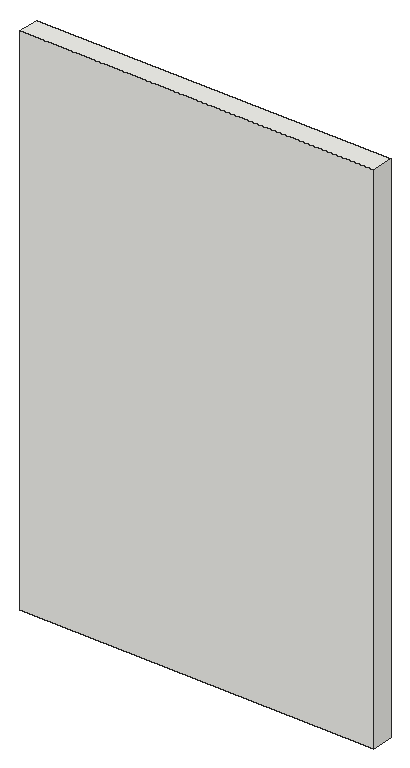
Revit family "솔리드 패널", category 커튼월 패널, Revit 2026
Family settings
  항상 수직 = 예
  로드될 때 보이드를 사용하여 절단 = 아니오
  공유 = 아니오
Parameters (values of type "솔리드 패널")
  재료 = 금속 - 페인트 마감 - 아이보리색, 무광
  간격띄우기 = 125.00 mm
  두께 = 100.00 mm
Reference planes
  plane 1: y = 0
  plane 2: z = 0
  plane 3: x = 0
  plane 4: x = -831.877
  plane 5: x = 831.877
  plane 6: z = 2438.4
  plane 7: y = 125
  plane 8: y = 25
Forms (mm)
  Extrusion 1, solid, material "금속 - 페인트 마감 - 아이보리색, 무광" <- "재료"
    sketch origin (0, 0, 0) x (1, 0, 0) y (0, 1, 0)
      loop
        line (-831.877, 25) -> (831.877, 25) -> (831.877, 125) -> (-831.877, 125) -> (-831.877, 25)
    from 0 to 2438.4
Lines and regions (mm)
  symbolic lines, style "패널 재료 1"
    curve 1: line (831.877, 125, 0) -> (-831.877, 125, 0)
    curve 2: line (831.877, 25, 0) -> (831.877, 125, 0)
    curve 3: line (-831.877, 25, 0) -> (831.877, 25, 0)
    curve 4: line (-831.877, 125, 0) -> (-831.877, 25, 0)
Text (mm)
  text "외부" at (-1654.078, 797.241, 0), in view "기준선"
Dimensions and locks
  equal spacing: plane 4, plane 3, plane 5
  "간격띄우기": plane 1 to plane 7
  "두께": plane 8 to plane 7
  aligned and locked: plane 5 to Extrusion 1 sketch curve
  aligned and locked: Extrusion 1 sketch curve to plane 5
  aligned and locked: Extrusion 1 to level
  aligned and locked: Extrusion 1 to plane 6
Automatic sketch dimensions
  Extrusion 1 sketch curve to plane 4 = 0.00 mm
  Extrusion 1 sketch curve to plane 8 = 0.00 mm
  Extrusion 1 sketch curve to plane 7 = 0.00 mm
  curve 1 to plane 4 = 0.00 mm
  curve 3 to plane 5 = 0.00 mm
  curve 3 to plane 8 = 0.00 mm
  curve 2 to plane 7 = 0.00 mm
